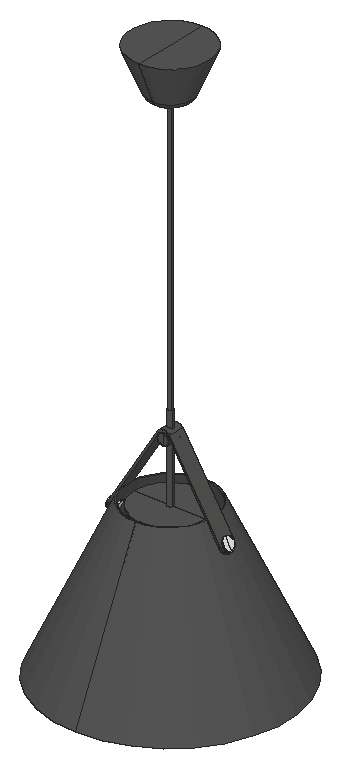
Revit family "Lighting_Pendants_Nordlux_Strap_36", category Lighting Fixtures, host Ceiling, Revit 2017
Family settings
  Host = Ceiling
  Round Connector Dimension = Use Diameter
  Part Type = Normal
  OmniClass Number = 23.80.70.11
  OmniClass Title = Luminaries for Internal Lighting
  Always vertical = Yes
  Cut with Voids When Loaded = No
  Light Source = Yes
  Shared = No
  Room Calculation Point = No
Parameters (values of type "Strap 36 - black with black straps")
  Wattage = 6.7321 W
  WarrantyStartDate [instance] = "n/a"
  WarrantyGuarantorParts = "n/a"
  WarrantyGuarantorLabor = "n/a"
  WarrantyDurationUnit = "Hours"
  WarrantyDurationParts = "n/a"
  WarrantyDurationLabor = "n/a"
  WarrantyDescription = "n/a"
  built-in parameter 1150110 = 1 (stored number, unit not read)
  VersionDate = "09/08/2019"  # constant formula
  Version = "1"  # constant formula
  UsageCurrent = 0 A
  Uniclass2015Reference = "Pr_70_70_48_62"
  Uniclass2015Description = "Pendant  luminaires"
  Uniclass2 = "Pr_70_70_49_86"
  URL = "https://www.nordlux.com/products/product/84343003"
  TotalWattage = 40 W
  built-in parameter 1114217 = 1 (stored number, unit not read)
  Tilt Angle = 90.00°
  built-in parameter 1150109 = 1 (stored number, unit not read)
  built-in parameter 1150134 = (empty or 0)
  TagNumber [instance] = "n/a"
  SustainabilityPerformance = "n/a"
  built-in parameter 1150113 = 1 (stored number, unit not read)
  Socket = "E27"
  Size = "Shade: 360x360x370 mm / Canopy: 120x120x73 mm"
  Shape = "Sculptured"
  SerialNumber [instance] = "n/a"
  Revision = "n/a"
  ReplacementCost = "n/a"
  ProductInformation = "n/a"
  Product data url = "https://www.bimobject.com/nordlux/product/strap_36_pendant"
  Photometric Web File = "8434 Strap 36 Pendel.ies"
  PhaseReference = "n/a"
  PhaseAngle = 0.00°
  NumberOfSources = 0
  NumberOfPoles = 1
  NominalWidth = NominalDiameter  # 360 mm
  NominalVoltageCalc = 0 V
  NominalVoltage = 230 V
  NominalRadius = NominalDiameter / 2  # 180 mm
  NominalLength = NominalDiameter  # 360 mm
  NominalHeight [instance] = CableLengthControl + 364.5 mm  # 864.5 mm
  NominalFrequencyRange = 50 Hz
  NominalDiameter = 360 mm
  NominalCurrent = 0 A
  Name = "Strap_36"  # constant formula
  NBSReference = "90-60-50/405"
  NBSDescription = "General purpose luminaires"
  ModelReference = ArticleNumber  # "84343003"
  ModelNumber = "n/a"
  Model = "Strap 36 - black with black straps"
  Material = "Metal, leather & textile"
  ManufacturersSpecificInformation = "n/a"
  ManufacturerURL = "https://www.nordlux.com/"
  ManufacturerName = "Nordlux"
  Manufacturer = "Nordlux"
  MaintenanceFactor = 0
  Lumens = 1000 lm
  built-in parameter 1150115 = 1 (stored number, unit not read)
  built-in parameter 1150105 = 360.88 (stored number, unit not read)
  LightSource = "Not included"
  LightFixtureTertiaryMaterial = Black leather
  LightFixtureSecondaryMaterial = Black cable
  LightFixtureQuaternaryMaterial = Chrome
  LightFixturePlacingType = "Ceilling"
  LightFixtureMountingType = "Suspended"
  LightFixtureMainMaterial = Black
  built-in parameter 1150137 = (empty or 0)
  built-in parameter 1150139 = (empty or 0)
  LensMaterial = Glass
  built-in parameter 1150112 = 1 (stored number, unit not read)
  built-in parameter 1150114 = 1 (stored number, unit not read)
  InsulationStandardClass = "Class 2 (Double isolated)"
  InstallationDate [instance] = "n/a"
  built-in parameter 1150132 = 2
  built-in parameter 1150102 = (empty or 0)
  built-in parameter 1150138 = (empty or 0)
  built-in parameter 1150107 = 3000 (stored number, unit not read)
  built-in parameter 1150106 = 3.6088 (stored number, unit not read)
  IfcExportType = "NOTDEFINED"  # constant formula
  IfcExportAs = "IfcLightFixtureType"  # constant formula
  IP_Code = "IP20"
  HasProtectiveEarth = no
  Grade = "n/a"
  Finish = "Primary material metal, secondary material leather, textile cable."
  Features = "Textile cable 300cm. Cable can not be replaced."
  ExpectedLife = "n/a"
  EnergyClass = "A++ -D"
  Emit from Circle Diameter = 60 mm
  Emit Shape Visible in Rendering = no
  ElectricalDeviceNominalPower = 0
  built-in parameter 1150104 = 13.8 (stored number, unit not read)
  EANNumber = "5701581338289"
  DurationUnit = "Hours"
  Dimming Lamp Color Temperature Shift = <None>
  Designer = "BJORN + BALLE"
  Description = "Metal and leather go well with the light Nordic style. The combination of these materials also allows the light to visually interact with a modern interior, where combining materials is one of the biggest current trends. With STRAP it seems obvious – just as obvious as how a Nordic light design is named after a leather strap. The narrow and elegant leather gives STRAP both a warm and raw look, which balances between the classic and the industrial. It comes with two leather straps in brown and black respectively, so it's up to you to give the STRAP the final look."
  DefaultElevation = 0 mm
  ConvergoRefNr = "0143-1909-0014-DK"  # constant formula
  Constituents = "n/a"
  Color Filter = 16777215
  Color = "Black"
  Collection = "Strap"
  CodePerformance = "n/a"
  Category = "Indoor lighting"
  CableLengthControl [instance] = if(CableLength < 250 mm, 250 mm, if(CableLength > 3000 mm, 3000 mm, CableLength))  # 500 mm
  CableLength [instance] = 500 mm
  Brand = "Nordlux"
  Barcode [instance] = "n/a"
  built-in parameter 1114218 = 1 (stored number, unit not read)
  BIMObjectName = "Lighting_Pendants_Nordlux_Strap_36"  # constant formula
  Author = "Convergo AB"  # constant formula
  built-in parameter 1150133 = 10 (stored number, unit not read)
  AssetType = "Fixed"
  AssetIdentifier [instance] = "n/a"
  ArticleNumber = "84343003"
  AccessibilityPerformance = "n/a"
Types (6, lengths in mm): name | URL | ModelReference | Model | LightFixtureTertiaryMaterial | LightFixtureSecondaryMaterial | LightFixtureMainMaterial | EANNumber | Color | ArticleNumber
  Strap 36 - black with black straps | "https://www.nordlux.com/products/product/84343003" | "84343003" | "Strap 36 - black with black straps" | Black leather | Black cable | Black | "5701581338289" | "Black" | "84343003"
  Strap 36 - white with black straps | "https://www.nordlux.com/products/product/84343001" | "84343001" | "Strap 36 - white with black straps" | Black leather | White cable | White | "5701581338180" | "White" | "84343001"
  Strap 36 - brushed steel with black straps | "https://www.nordlux.com/products/product/84343032" | "84343032" | "Strap 36 - brushed steel with black straps" | Black leather | Black cable | Brushed steel | "5701581338487" | "Brushed steel" | "84343032"
  Strap 36 - black with brown straps | "https://www.nordlux.com/products/product/84343003" | "84343003" | "Strap 36 - black with brown straps" | Brown leather | Black cable | Black | "5701581338289" | "Black" | "84343003"
  Strap 36 - brushed steel with brown straps | "https://www.nordlux.com/products/product/84343032" | "84343032" | "Strap 36 - brushed steel with brown straps" | Brown leather | Black cable | Brushed steel | "5701581338487" | "Brushed steel" | "84343032"
  Strap 36 - white with brown straps | "https://www.nordlux.com/products/product/84343001" | "84343001" | "Strap 36 - white with brown straps" | Brown leather | White cable | White | "5701581338180" | "White" | "84343001"
Reference planes
  plane 1 "Light Source Axis (F/B)": y = 0
  plane 2: z = 0
  plane 3 "Light Source Axis (L/R)": x = 0
  plane 4 "Ceiling": z = 4000
  plane 5 "Light Source Elevation": z = 3274.404
  plane 6: x = -180
  plane 7: y = 180
  plane 8: x = 180
  plane 9: y = -180
  plane 10: z = 3500
  plane 11: z = 3135.5
Forms (mm)
  Extrusion 1, solid, material "Black" <- "LightFixtureMainMaterial", detail levels coarse
    sketch origin (0, 6000, 3135.5) x (0, 1, 0) y (1, 0, 0)
      loop
        line (-5820, -180) -> (-5820, 180) -> (-6180, 180) -> (-6180, -180) -> (-5820, -180)
    from 0 to -864.5
Lines and regions (mm)
  symbolic lines
    curve 1: line (3, 0, 4000) -> (-3, 0, 4000)
  symbolic lines, detail levels medium+fine
    curve 2: line (3, 0, 3927) -> (3, 0, 3500)
    curve 3: line (-3, 0, 3927) -> (-3, 0, 3500)
    curve 4: line (0, 3, 3927) -> (0, 3, 3500)
    curve 5: line (0, -3, 3927) -> (0, -3, 3500)
Dimensions and locks
  equal spacing: host sketch curve, plane 3 "Light Source Axis (L/R)", host sketch curve
  equal spacing: host sketch curve, plane 1 "Light Source Axis (F/B)", host sketch curve
  host sketch curve to host sketch curve = 4000 mm  (x2)
  locked: plane 4 "Ceiling" to host ceiling at 0
  equal spacing: plane 9, plane 1 "Light Source Axis (F/B)", plane 7
  "NominalDiameter": plane 7 to plane 9
  equal spacing: plane 6, plane 3 "Light Source Axis (L/R)", plane 8
  "NominalDiameter": plane 6 to plane 8
  "CableLengthControl": plane 10 to plane 4 "Ceiling"
  locked: plane 11 to plane 5 "Light Source Elevation" at 138.904
  "NominalHeight": plane 11 to plane 4 "Ceiling"
  aligned and locked: plane 3 "Light Source Axis (L/R)" to imposter light
  aligned and locked: plane 1 "Light Source Axis (F/B)" to imposter light
  aligned and locked: plane 5 "Light Source Elevation" to imposter light
  aligned and locked: plane 4 "Ceiling" to curve 1  (x2)
  aligned and locked: plane 7 to Extrusion 1 sketch curve
  aligned and locked: plane 6 to Extrusion 1 sketch curve
  aligned and locked: plane 9 to Extrusion 1 sketch curve
  aligned and locked: plane 8 to Extrusion 1 sketch curve
  aligned and locked: Extrusion 1 to plane 4 "Ceiling"
  aligned and locked: curve 2 to nested 2
  aligned and locked: curve 3 to nested 2
  aligned and locked: plane 10 to curve 2
  aligned and locked: plane 10 to curve 3
  aligned and locked: curve 4 to nested 2
  aligned and locked: curve 5 to nested 2
  aligned and locked: plane 10 to curve 5
  aligned and locked: plane 10 to curve 4
  aligned and locked: nested 2 to plane 4 "Ceiling"
  aligned and locked: plane 3 "Light Source Axis (L/R)" to nested 1
  aligned and locked: nested 1 to plane 11
Automatic sketch dimensions
  plane 1 "Light Source Axis (F/B)" to curve 5 = 3 mm
  curve 4 to plane 1 "Light Source Axis (F/B)" = 3 mm
  curve 1 to plane 3 "Light Source Axis (L/R)" = 3 mm
  curve 3 to plane 3 "Light Source Axis (L/R)" = 3 mm
  plane 3 "Light Source Axis (L/R)" to curve 2 = 3 mm
  plane 3 "Light Source Axis (L/R)" to curve 1 = 3 mm
Nested families
  nested 1: "Strap_36" at (0, 0, 3135.501), Metal <- "LightFixtureMainMaterial", Glass <- "LensMaterial", Nuts <- "LightFixtureQuaternaryMaterial", Strap <- "LightFixtureTertiaryMaterial", type "Strap_36"
    with Strap Black leather, Nuts Chrome, Metal Black, Glass Glass
  nested 2: "CeillingCap" at (0, 0, 4000) x (1, 0, 0) z (0, 0, -1), Cable <- "LightFixtureSecondaryMaterial", Metal <- "LightFixtureMainMaterial", CableLength <- "CableLengthControl", type "CeillingCap"
    with Metal Black, CableLength 500 mm, Cable Black cable
Connectors
  electrical at (0, 0, 4000), driven by "NumberOfPoles", driven by "NominalVoltage"
    settings: on nested 2, index 1, voltage 230 V, apparent load 0 VA, apparent load phase1 0 VA, apparent load phase2 0 VA, apparent load phase3 0 VA, power factor 1, load classification "Other", number of poles 1, system type 31, power factor state 1, is connector primary yes, connector utility no, sub classification motor no, connector description ""
Definition of nested family "Strap_36"
  Parameters (values of type "Strap_36")
    Strap [instance] = none
    Nuts [instance] = none
    Metal [instance] = none
    Glass [instance] = none
  Reference planes
    plane 1 "Center (Front/Back)": y = 0
    plane 2: z = 0
    plane 3 "Center (Left/Right)": x = 0
    plane 4: z = 364.451
    plane 5: z = 138.903
  Forms (mm)
    Revolve 1, solid, material <- "Metal", detail levels medium+fine
      sketch origin (0, 0, 0) x (0, 1, 0) y (0, 0, 1)
        loop
          line (178.559, -0.001) -> (179.968, 0.513)
          arc (179.968, 0.513) -> (128.488, 122.712) -> (66.656, 240.014) r 1535.455
          line (66.656, 240.014) -> (65.36, 239.258)
          arc (65.36, 239.258) -> (127.13, 122.075) -> (178.559, -0.001) r 1533.955
        axis (0, 240.014) -> (0, -0.001)
      angle from 0 to 360
    Revolve 2, solid, material <- "Glass", detail levels medium+fine
      sketch origin (0, 0, 108.111) x (0, 1, 0) y (0, 0, 1)
        loop
          line (0, 30.793) -> (25, 30.793) -> (25, 32.793) -> (22.5, 32.793) -> (22.5, 39.96)
          arc (22.5, 39.96) -> (19.463, 53.223) -> (10.957, 63.843) r 30.481
          line (10.957, 63.843) -> (10.957, 72.697) -> (0, 72.697) -> (0, 30.793)
        axis (0, 72.697) -> (0, 30.793)
      angle from 0 to 360
    Revolve 3, solid, material <- "Metal", detail levels medium+fine
      sketch origin (0, 0, 0) x (1, 0, 0) y (0, 0, 1)
        loop
          line (-20.402, 204.821) -> (-19.086, 161.968) -> (-10.957, 161.968) -> (-10.957, 169.319) -> (0, 169.319) -> (0, 364.451) -> (-4, 364.451) -> (-4, 233.484) -> (-55.064, 233.484) -> (-55.064, 230.52) -> (-12.069, 230.52) -> (-12.069, 220.52) -> (-10.953, 220.52) -> (-10.953, 217.15) -> (-19.083, 214.715) -> (-19.083, 212.248) -> (-16.998, 212.248) -> (-16.998, 204.821) -> (-20.402, 204.821)
        axis (0, 161.968) -> (0, 364.451)
      angle from 0 to 360
    Extrusion 4, solid, material <- "Strap", detail levels medium+fine
      sketch origin (0, 0, 0) x (1, 0, 0) y (0, 0, 1)
        loop
          arc (-6.618, 334.755) -> (0, 338.241) -> (6.618, 334.755) r 8.026
          arc (6.618, 334.755) -> (50.066, 267.763) -> (89.973, 198.603) r 1535.455
          line (89.973, 198.603) -> (93.049, 200.273)
          arc (93.049, 200.273) -> (53.051, 269.591) -> (9.504, 336.736) r 1538.955
          arc (9.504, 336.736) -> (0, 341.741) -> (-9.504, 336.736) r 11.526
          arc (-9.504, 336.736) -> (-53.051, 269.591) -> (-93.049, 200.273) r 1538.955
          line (-93.049, 200.273) -> (-89.973, 198.603)
          arc (-89.973, 198.603) -> (-50.066, 267.763) -> (-6.618, 334.755) r 1535.455
      from -12 to 12
    Sweep 5, void
      path in 3D
        loop
          line (-89.314, 12, 198.245) -> (-93.708, 12, 200.631)
      profile origin (-91.511, 12, 199.438) x (0.477094, 0, 0.878852) y (0, 1, 0)
        loop
          line (-1, 0) -> (-1, -24) -> (12, -24)
          arc (12, -24) -> (0, -12) -> (12, 0) r 12
          line (12, 0) -> (-1, 0)
    Revolve 6, solid, material <- "Nuts", detail levels medium+fine
      sketch origin (0, 0, 0) x (1, 0, 0) y (0, 0, 1)
        loop
          line (-89.511, 211.623) -> (-78.62, 205.674) -> (-75.012, 212.279)
          arc (-75.012, 212.279) -> (-74.971, 212.659) -> (-75.211, 212.957) r 0.5
          line (-75.211, 212.957) -> (-77.309, 214.103) -> (-76.362, 215.835) -> (-77.18, 216.282)
          arc (-77.18, 216.282) -> (-79.648, 213.1) -> (-81.695, 209.633) r 31.869
          line (-81.695, 209.633) -> (-86.285, 212.139) -> (-82.45, 219.16) -> (-84.278, 220.159)
          arc (-84.278, 220.159) -> (-84.659, 220.2) -> (-84.957, 219.96) r 0.5
          line (-84.957, 219.96) -> (-89.511, 211.623)
        axis (-89.511, 211.623) -> (-78.62, 205.674)
      angle from 0 to 360
    Revolve 7, solid, material <- "Metal", detail levels medium+fine
      sketch origin (0, 0, 0) x (0, 1, 0) y (0, 0, 1)
        loop
          line (14.001, 329.45) -> (14.001, 337.741)
          arc (14.001, 337.741) -> (13.854, 338.094) -> (13.501, 338.241) r 0.5
          line (13.501, 338.241) -> (-13.499, 338.241)
          arc (-13.499, 338.241) -> (-13.853, 338.094) -> (-13.999, 337.741) r 0.5
          line (-13.999, 337.741) -> (-13.999, 329.45) -> (14.001, 329.45)
        axis (-13.999, 329.45) -> (14.001, 329.45)
      angle from 0 to 360
    Sweep 8, void
      path in 3D
        loop
          line (89.314, 12, 198.245) -> (93.708, 12, 200.631)
      profile origin (91.511, 12, 199.438) x (0.477094, 0, -0.878852) y (0, 1, 0)
        loop
          line (1, 0) -> (-12, 0)
          arc (-12, 0) -> (0, -12) -> (-12, -24) r 12
          line (-12, -24) -> (1, -24) -> (1, 0)
    Revolve 9, solid, material <- "Nuts", detail levels medium+fine
      sketch origin (0, 0, 0) x (-1, 0, 0) y (0, 0, 1)
        loop
          line (-89.511, 211.623) -> (-78.62, 205.674) -> (-75.012, 212.279)
          arc (-75.012, 212.279) -> (-74.971, 212.659) -> (-75.211, 212.957) r 0.5
          line (-75.211, 212.957) -> (-77.309, 214.103) -> (-76.362, 215.835) -> (-77.18, 216.282)
          arc (-77.18, 216.282) -> (-79.648, 213.1) -> (-81.695, 209.633) r 31.869
          line (-81.695, 209.633) -> (-86.285, 212.139) -> (-82.45, 219.16) -> (-84.278, 220.159)
          arc (-84.278, 220.159) -> (-84.659, 220.2) -> (-84.957, 219.96) r 0.5
          line (-84.957, 219.96) -> (-89.511, 211.623)
        axis (-89.511, 211.623) -> (-78.62, 205.674)
      angle from 0 to 360
  Cuts and joins
    Sweep 5, Sweep 8 cuts Extrusion 4
    joined: Revolve 1, Revolve 3, Revolve 7
    joined: Revolve 6, Revolve 9
  Lines and regions (mm)
    sketch lines
      curve 1: line (-89.314, 12, 198.245) -> (-93.708, 12, 200.631)
      curve 2: line (89.314, 12, 198.245) -> (93.708, 12, 200.631)
    symbolic lines, detail levels medium+fine
      curve 3: line (0, 0, -0.001) -> (-178.559, 0, -0.001)
      curve 4: line (-179.968, 0, 0.513) -> (-178.559, 0, -0.001)
      curve 7: arc (-9.504, 0, 336.736) -> (-47.354, 0, 278.824) -> (-82.562, 0, 219.27) r 1538.955
      curve 8: line (-92.237, 0, 201.766) -> (-93.819, 0, 202.627)
      curve 9: line (-82.562, 0, 219.27) -> (-84.258, 0, 220.193)
      curve 10: line (-84.936, 0, 219.993) -> (-94.019, 0, 203.305)
      curve 11: arc (-84.258, 0, 220.193) -> (-84.638, 0, 220.234) -> (-84.936, 0, 219.993) r 0.5
      curve 12: arc (-94.019, 0, 203.305) -> (-94.06, 0, 202.924) -> (-93.819, 0, 202.627) r 0.5
      curve 17: line (-3, 0, 364.451) -> (-4, 0, 364.451)
      curve 18: line (-4, 0, 364.451) -> (-4, 0, 341.024)
      curve 21: line (-93.049, 0, 200.273) -> (-89.973, 0, 198.603)
      curve 22: arc (-89.973, 0, 198.603) -> (-138.484, 0, 101.154) -> (-179.968, 0, 0.513) r 1535.455
      curve 23: arc (-92.237, 0, 201.766) -> (-92.643, 0, 201.02) -> (-93.049, 0, 200.273) r 1538.955
      curve 25: arc (-4, 0, 341.024) -> (-7.084, 0, 339.306) -> (-9.504, 0, 336.736) r 11.526
      curve 26: line (0, 0, -0.001) -> (178.559, 0, -0.001)
      curve 27: line (179.968, 0, 0.513) -> (178.559, 0, -0.001)
      curve 30: arc (9.504, 0, 336.736) -> (47.354, 0, 278.824) -> (82.562, 0, 219.27) r 1538.955
      curve 31: line (92.237, 0, 201.766) -> (93.819, 0, 202.627)
      curve 32: line (82.562, 0, 219.27) -> (84.258, 0, 220.193)
      curve 33: line (84.936, 0, 219.993) -> (94.019, 0, 203.305)
      curve 34: arc (84.258, 0, 220.193) -> (84.638, 0, 220.234) -> (84.936, 0, 219.993) r 0.5
      curve 35: arc (94.019, 0, 203.305) -> (94.06, 0, 202.924) -> (93.819, 0, 202.627) r 0.5
      curve 39: line (3, 0, 364.451) -> (4, 0, 364.451)
      curve 40: line (4, 0, 364.451) -> (4, 0, 341.024)
      curve 43: line (93.049, 0, 200.273) -> (89.973, 0, 198.603)
      curve 44: arc (89.973, 0, 198.603) -> (138.484, 0, 101.154) -> (179.968, 0, 0.513) r 1535.455
      curve 45: arc (92.237, 0, 201.766) -> (92.643, 0, 201.02) -> (93.049, 0, 200.273) r 1538.955
      curve 47: arc (4, 0, 341.024) -> (7.084, 0, 339.306) -> (9.504, 0, 336.736) r 11.526
      curve 48: arc (0, 179.968, 0.513) -> (0, 128.488, 122.712) -> (0, 66.656, 240.014) r 1535.455
      curve 49: line (0, 178.559, -0.001) -> (0, 179.968, 0.513)
      curve 51: line (0, 0, -0.001) -> (0, 178.559, -0.001)
      curve 52: line (0, 12, 240.014) -> (0, 66.656, 240.014)
      curve 59: line (0, 12, 320.644) -> (0, 13.5, 320.644)
      curve 60: line (0, 12, 338.241) -> (0, 13.5, 338.241)
      curve 61: line (0, 14, 337.741) -> (0, 14, 321.144)
      curve 62: arc (0, 13.5, 338.241) -> (0, 13.854, 338.095) -> (0, 14, 337.741) r 0.5
      curve 63: arc (0, 14, 321.144) -> (0, 13.854, 320.791) -> (0, 13.5, 320.644) r 0.5
      curve 64: line (0, 12, 338.241) -> (0, 12, 341.741)
      curve 66: line (0, 12, 341.741) -> (0, 4, 341.741)
      curve 67: line (0, 4, 364.451) -> (0, 4, 341.741)
      curve 68: line (0, 4, 364.451) -> (0, 3, 364.451)
      curve 71: line (0, 12, 240.014) -> (0, 12, 320.644)
      curve 72: arc (0, -179.968, 0.513) -> (0, -128.488, 122.712) -> (0, -66.656, 240.014) r 1535.455
      curve 73: line (0, -178.559, -0.001) -> (0, -179.968, 0.513)
      curve 75: line (0, 0, -0.001) -> (0, -178.559, -0.001)
      curve 76: line (0, -12, 240.014) -> (0, -66.656, 240.014)
      curve 83: line (0, -12, 320.644) -> (0, -13.5, 320.644)
      curve 84: line (0, -12, 338.241) -> (0, -13.5, 338.241)
      curve 85: line (0, -14, 337.741) -> (0, -14, 321.144)
      curve 86: arc (0, -13.5, 338.241) -> (0, -13.854, 338.095) -> (0, -14, 337.741) r 0.5
      curve 87: arc (0, -14, 321.144) -> (0, -13.854, 320.791) -> (0, -13.5, 320.644) r 0.5
      curve 88: line (0, -12, 338.241) -> (0, -12, 341.741)
      curve 90: line (0, -12, 341.741) -> (0, -4, 341.741)
      curve 91: line (0, -4, 364.451) -> (0, -4, 341.741)
      curve 92: line (0, -4, 364.451) -> (0, -3, 364.451)
      curve 95: line (0, -12, 240.014) -> (0, -12, 320.644)
      curve 96: circle (0, 0, 0) r 179.968 normal (0, 0, 1)
    symbolic lines, detail levels fine
      curve 5: arc (-66.656, 0, 240.014) -> (-78.475, 0, 219.399) -> (-89.973, 0, 198.603) r 1535.455
      curve 6: line (-179.968, 0, 0.513) -> (0, 0, 0.513)
      curve 13: arc (-66.656, 0, 240.014) -> (-38.314, 0, 286.651) -> (-8.332, 0, 332.252) r 1535.455
      curve 14: circle (0, 0, 329.45) r 8.791 normal (0, -1, 0)
      curve 15: arc (0, 0, 341.741) -> (-2.032, 0, 341.56) -> (-4, 0, 341.024) r 11.526
      curve 16: line (-3, 0, 364.451) -> (0, 0, 364.451)
      curve 19: line (-4, 0, 321.622) -> (-4, 0, 240.014)
      curve 20: line (0, 0, 240.014) -> (-66.656, 0, 240.014)
      curve 24: arc (-82.562, 0, 219.27) -> (-87.428, 0, 210.534) -> (-92.237, 0, 201.766) r 1538.955
      curve 28: arc (66.656, 0, 240.014) -> (78.475, 0, 219.399) -> (89.973, 0, 198.603) r 1535.455
      curve 29: line (179.968, 0, 0.513) -> (0, 0, 0.513)
      curve 36: arc (66.656, 0, 240.014) -> (38.314, 0, 286.651) -> (8.332, 0, 332.252) r 1535.455
      curve 37: arc (0, 0, 341.741) -> (2.032, 0, 341.56) -> (4, 0, 341.024) r 11.526
      curve 38: line (3, 0, 364.451) -> (0, 0, 364.451)
      curve 41: line (4, 0, 321.622) -> (4, 0, 240.014)
      curve 42: line (0, 0, 240.014) -> (66.656, 0, 240.014)
      curve 46: arc (82.562, 0, 219.27) -> (87.428, 0, 210.534) -> (92.237, 0, 201.766) r 1538.955
      curve 50: line (0, 0, 0.513) -> (0, 179.968, 0.513)
      curve 53: line (0, 12, 209.138) -> (0, 12, 240.014)
      curve 54: spline (0, 12, 209.138) -> (0, 11.899, 207.766) -> (0, 11.594, 206.417) -> (0, 11.09, 205.114) -> (0, 10.396, 203.88) -> (0, 9.525, 202.735) -> (0, 8.49, 201.699) -> (0, 7.309, 200.79) -> (0, 6.004, 200.023) -> (0, 4.595, 199.412) -> (0, 3.108, 198.967) -> (0, 1.567, 198.696) -> (0, 0, 198.603)
      curve 55: spline (0, 12, 210.808) -> (0, 11.899, 209.436) -> (0, 11.594, 208.087) -> (0, 11.09, 206.784) -> (0, 10.396, 205.55) -> (0, 9.525, 204.405) -> (0, 8.49, 203.369) -> (0, 7.309, 202.46) -> (0, 6.004, 201.693) -> (0, 4.595, 201.082) -> (0, 3.108, 200.637) -> (0, 1.567, 200.366) -> (0, 0, 200.273)
      curve 56: spline (0, 9.989, 210.797) -> (0, 9.962, 209.615) -> (0, 9.753, 208.447) -> (0, 9.368, 207.314) -> (0, 8.813, 206.237) -> (0, 8.098, 205.235) -> (0, 7.235, 204.326) -> (0, 6.242, 203.528) -> (0, 5.135, 202.854) -> (0, 3.935, 202.316) -> (0, 2.664, 201.925) -> (0, 1.344, 201.688) -> (0, 0, 201.608)
      curve 57: line (0, 9.989, 210.797) -> (0, 9.989, 211.768)
      curve 58: spline (0, 9.989, 211.768) -> (0, 9.962, 212.95) -> (0, 9.753, 214.118) -> (0, 9.368, 215.251) -> (0, 8.813, 216.328) -> (0, 8.098, 217.33) -> (0, 7.235, 218.238) -> (0, 6.242, 219.037) -> (0, 5.135, 219.711) -> (0, 3.935, 220.248) -> (0, 2.664, 220.639) -> (0, 1.344, 220.877) -> (0, 0, 220.957)
      curve 65: line (0, 12, 320.644) -> (0, 12, 338.241)
      curve 69: line (0, 3, 364.451) -> (0, 0, 364.451)
      curve 70: arc (0, 4, 341.741) -> (0, 2.071, 340.941) -> (0, 0, 340.669) r 8
      curve 74: line (0, 0, 0.513) -> (0, -179.968, 0.513)
      curve 77: line (0, -12, 209.138) -> (0, -12, 240.014)
      curve 78: spline (0, -12, 209.138) -> (0, -11.899, 207.766) -> (0, -11.594, 206.417) -> (0, -11.09, 205.114) -> (0, -10.396, 203.88) -> (0, -9.525, 202.735) -> (0, -8.49, 201.699) -> (0, -7.309, 200.79) -> (0, -6.004, 200.023) -> (0, -4.595, 199.412) -> (0, -3.108, 198.967) -> (0, -1.567, 198.696) -> (0, 0, 198.603)
      curve 79: spline (0, -12, 210.808) -> (0, -11.899, 209.436) -> (0, -11.594, 208.087) -> (0, -11.09, 206.784) -> (0, -10.396, 205.55) -> (0, -9.525, 204.405) -> (0, -8.49, 203.369) -> (0, -7.309, 202.46) -> (0, -6.004, 201.693) -> (0, -4.595, 201.082) -> (0, -3.108, 200.637) -> (0, -1.567, 200.366) -> (0, 0, 200.273)
      curve 80: spline (0, -9.989, 210.797) -> (0, -9.962, 209.615) -> (0, -9.753, 208.447) -> (0, -9.368, 207.314) -> (0, -8.813, 206.237) -> (0, -8.098, 205.235) -> (0, -7.235, 204.326) -> (0, -6.242, 203.528) -> (0, -5.135, 202.854) -> (0, -3.935, 202.316) -> (0, -2.664, 201.925) -> (0, -1.344, 201.688) -> (0, 0, 201.608)
      curve 81: line (0, -9.989, 210.797) -> (0, -9.989, 211.768)
      curve 82: spline (0, -9.989, 211.768) -> (0, -9.962, 212.95) -> (0, -9.753, 214.118) -> (0, -9.368, 215.251) -> (0, -8.813, 216.328) -> (0, -8.098, 217.33) -> (0, -7.235, 218.238) -> (0, -6.242, 219.037) -> (0, -5.135, 219.711) -> (0, -3.935, 220.248) -> (0, -2.664, 220.639) -> (0, -1.344, 220.877) -> (0, 0, 220.957)
      curve 89: line (0, -12, 320.644) -> (0, -12, 338.241)
      curve 93: line (0, -3, 364.451) -> (0, 0, 364.451)
      curve 94: arc (0, -4, 341.741) -> (0, -2.071, 340.941) -> (0, 0, 340.669) r 8
      curve 97: circle (0, 0, 0) r 178.559 normal (0, 0, 1)
      curve 98: circle (0, 0, 0) r 65.36 normal (0, 0, 1)
      curve 99: circle (0, 0, 0) r 55.064 normal (0, 0, 1)
      curve 100: line (-64.249, 12, 0) -> (-53.74, 12, 0)
      curve 101: line (-64.249, -12, 0) -> (-53.74, -12, 0)
      curve 102: line (53.74, 12, 0) -> (64.249, 12, 0)
      curve 103: line (53.74, -12, 0) -> (64.249, -12, 0)
  Dimensions and locks
    aligned and locked: level to plane 2
Definition of nested family "CeillingCap"
  Parameters (values of type "CeillingCap")
    Metal [instance] = none
    Default Elevation = 1219.2 mm
    CableLength [instance] = 250 mm
    Cable [instance] = none
  Reference planes
    plane 1 "Center (Front/Back)": y = 0
    plane 2: z = 0
    plane 3 "Center (Left/Right)": x = 0
  Forms (mm)
    Revolve 1, solid, material <- "Metal", detail levels medium+fine
      sketch origin (0, 0, 0) x (0, 1, 0) y (0, 0, 1)
        loop
          line (0, 0) -> (60, 0) -> (33.516, 63.754)
          arc (33.516, 63.754) -> (20.044, 72.995) -> (6.121, 64.449) r 15
          line (6.121, 64.449) -> (0, 64.449) -> (0, 0)
        axis (0, 64.449) -> (0, 0)
      angle from 0 to 360
    Extrusion 2, solid, material <- "Cable", detail levels medium+fine
      sketch origin (0, 0, 0) x (1, 0, 0) y (0, 1, 0)
        loop
          circle (0, 0) r 3
      from 10 to 250 <- "CableLength"
  Lines and regions (mm)
    symbolic lines, detail levels medium+fine
      curve 1: line (0, 0, 0) -> (-60, 0, 0)
      curve 2: line (-33.516, 0, 63.754) -> (-60, 0, 0)
      curve 3: arc (-19.664, 0, 73) -> (-27.991, 0, 70.476) -> (-33.516, 0, 63.754) r 15
      curve 4: line (-3, 0, 73) -> (-19.664, 0, 73)
      curve 6: line (0, 0, 0) -> (60, 0, 0)
      curve 7: line (33.516, 0, 63.754) -> (60, 0, 0)
      curve 8: arc (19.664, 0, 73) -> (27.991, 0, 70.476) -> (33.516, 0, 63.754) r 15
      curve 9: line (3, 0, 73) -> (19.664, 0, 73)
      curve 11: line (0, 60, 0) -> (0, 0, 0)
      curve 12: line (0, 60, 0) -> (0, 33.516, 63.754)
      curve 13: arc (0, 33.516, 63.754) -> (0, 27.991, 70.476) -> (0, 19.664, 73) r 15
      curve 14: line (0, 3, 73) -> (0, 19.664, 73)
      curve 16: line (0, -60, 0) -> (0, 0, 0)
      curve 17: line (0, -60, 0) -> (0, -33.516, 63.754)
      curve 18: arc (0, -33.516, 63.754) -> (0, -27.991, 70.476) -> (0, -19.664, 73) r 15
      curve 19: line (0, -3, 73) -> (0, -19.664, 73)
    symbolic lines, detail levels fine
      curve 5: line (0, 0, 73) -> (-3, 0, 73)
      curve 10: line (0, 0, 73) -> (3, 0, 73)
      curve 15: line (0, 0, 73) -> (0, 3, 73)
      curve 20: line (0, 0, 73) -> (0, -3, 73)
  Dimensions and locks
    aligned and locked: level to plane 2
